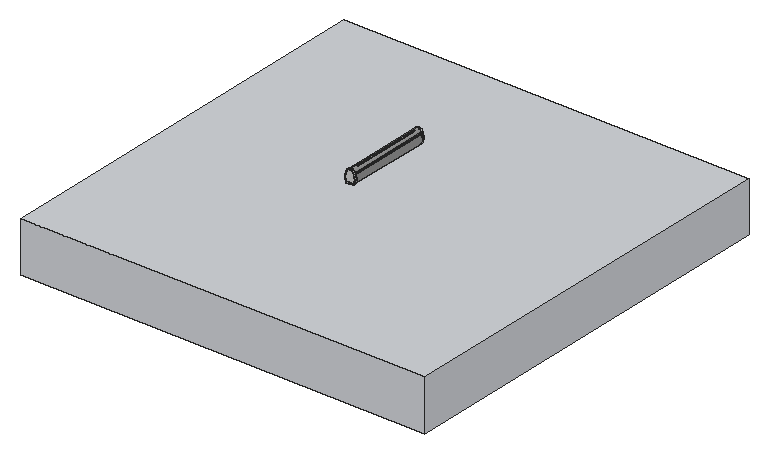
Revit family "L-trade II_body Standart", category Обобщенные модели, Revit 2017
Family settings
  Основа = Грань
  Может служить основой для арматурных стержней = Нет
  Размер круглого соединителя = Использовать диаметр
  Тип детали = Нормальный
  При загрузке вырезать с полостями = Нет
  Общий = Нет
  Точка расчета площади = Нет
Parameters
  Расстояние от светильника до плоскости = 250 mm
  Default Elevation = 1219.2 mm
  Начало выдавливания = Длина профиля / 2 * (-1)  # -250 mm
  Конец выдавливания = Длина профиля / 2  # 250 mm
  Длина профиля = 500 mm
Reference planes
  plane 1 "По центру (Вперед/Назад)": y = 0
  plane 2: z = 0
  plane 3 "По центру (Влево/Вправо)": x = 0
  plane 4 "Плоскость расположения светильника": z = 250
Forms (mm)
  Extrusion 1, solid
    sketch origin (0, 0, 0) x (1, 0, 0) y (0, 1, 0)
      loop
        line (-1219.2, 1219.2) -> (-1219.2, -1219.2) -> (1219.2, -1219.2) -> (1219.2, 1219.2) -> (-1219.2, 1219.2)
    from 0 to -304.8
  Extrusion 2, solid, material "Алюминий"
    sketch origin (-0.012, 0, 76.46) x (0, 0, 1) y (1, 0, 0)
      loop
        line (118.04, 2.584) -> (119.04, 2.584) -> (119.04, 4.637) -> (123.497, 4.637) -> (123.497, -4.637) -> (119.04, -4.637) -> (119.04, -2.584) -> (118.04, -2.584) -> (118.04, -21.594)
        arc (118.04, -21.594) -> (118.745, -23.295) -> (120.446, -24) r 2.406
        line (120.446, -24) -> (167.14, -24) -> (167.481, -23.065)
        arc (167.481, -23.065) -> (167.917, -20.445) -> (169.02, -22.862) r 1.389
        line (169.02, -22.862) -> (170.267, -23.744)
        arc (170.267, -23.744) -> (171.573, -24.107) -> (172.811, -23.557) r 2.006
        arc (172.811, -23.557) -> (173.124, -23.273) -> (173.54, -23.2) r 0.757
        line (173.54, -23.2) -> (173.54, -22.236) -> (172.7, -22.236) -> (172.127, -22.808)
        arc (172.127, -22.808) -> (170.724, -22.808) -> (170.724, -21.405) r 0.992
        arc (170.724, -21.405) -> (170.972, -21.083) -> (171.127, -20.708) r 1.556
        line (171.127, -20.708) -> (171.127, -18.337)
        arc (171.127, -18.337) -> (172.044, -16.858) -> (172.54, -18.526) r 0.954
        line (172.54, -18.526) -> (172.54, -19.814) -> (173.54, -19.814) -> (173.54, -19.013)
        arc (173.54, -19.013) -> (173.942, -17.804) -> (173.54, -16.594) r 2.024
        line (173.54, -16.594) -> (173.54, -4.465) -> (172.54, -4.465) -> (172.54, -5.495) -> (171.341, -5.495) -> (171.341, 5.495) -> (172.54, 5.495) -> (172.54, 4.465) -> (173.54, 4.465) -> (173.54, 16.594)
        arc (173.54, 16.594) -> (173.942, 17.804) -> (173.54, 19.013) r 2.024
        line (173.54, 19.013) -> (173.54, 19.814) -> (172.54, 19.814) -> (172.54, 18.526)
        arc (172.54, 18.526) -> (172.044, 16.858) -> (171.127, 18.337) r 0.954
        line (171.127, 18.337) -> (171.127, 20.708)
        arc (171.127, 20.708) -> (170.972, 21.083) -> (170.724, 21.405) r 1.556
        arc (170.724, 21.405) -> (170.724, 22.808) -> (172.127, 22.808) r 0.992
        line (172.127, 22.808) -> (172.7, 22.236) -> (173.54, 22.236) -> (173.54, 23.2)
        arc (173.54, 23.2) -> (173.124, 23.273) -> (172.811, 23.557) r 0.757
        arc (172.811, 23.557) -> (171.573, 24.107) -> (170.267, 23.744) r 2.006
        line (170.267, 23.744) -> (169.02, 22.862)
        arc (169.02, 22.862) -> (167.917, 20.445) -> (167.481, 23.065) r 1.389
        line (167.481, 23.065) -> (167.14, 24) -> (120.446, 24)
        arc (120.446, 24) -> (118.745, 23.295) -> (118.04, 21.594) r 2.406
        line (118.04, 21.594) -> (118.04, 2.584)
      loop
        line (119.04, 5.63) -> (124.468, 5.63) -> (124.468, -5.63) -> (119.04, -5.63) -> (119.04, -21.595)
        arc (119.04, -21.595) -> (119.452, -22.589) -> (120.445, -23) r 1.405
        line (120.445, -23) -> (165.938, -23)
        arc (165.938, -23) -> (166.807, -19.727) -> (170.122, -20.419) r 2.462
        line (170.122, -20.419) -> (170.122, -18.738)
        arc (170.122, -18.738) -> (170.372, -16.497) -> (172.54, -15.878) r 2.024
        line (172.54, -15.878) -> (172.54, -6.488) -> (170.32, -6.488) -> (170.32, 6.488) -> (172.54, 6.488) -> (172.54, 15.878)
        arc (172.54, 15.878) -> (170.372, 16.497) -> (170.122, 18.738) r 2.024
        line (170.122, 18.738) -> (170.122, 20.419)
        arc (170.122, 20.419) -> (166.807, 19.727) -> (165.938, 23) r 2.462
        line (165.938, 23) -> (120.445, 23)
        arc (120.445, 23) -> (119.452, 22.589) -> (119.04, 21.595) r 1.405
        line (119.04, 21.595) -> (119.04, 5.63)
    from -250 <- "Начало выдавливания" to 250 <- "Конец выдавливания"
  Extrusion 3, solid, material "Стекло, прозрачное остекление"
    sketch origin (-0.012, 0.083, 76.46) x (-1, 0, 0) y (0, 0, -1)
      loop
        arc (0, -194.275) -> (-14.722, -188.177) -> (-20.82, -173.455) r 20.82
        line (-20.82, -173.455) -> (-20.82, -172.351) -> (-18.381, -172.351) -> (-18.381, -171.214) -> (-22.1, -171.214) -> (-22.1, -173.455)
        arc (-22.1, -173.455) -> (-15.627, -189.082) -> (0, -195.555) r 22.1
        arc (0, -195.555) -> (15.627, -189.082) -> (22.1, -173.455) r 22.1
        line (22.1, -173.455) -> (22.1, -171.214) -> (18.381, -171.214) -> (18.381, -172.351) -> (20.82, -172.351) -> (20.82, -173.455)
        arc (20.82, -173.455) -> (14.722, -188.177) -> (0, -194.275) r 20.82
    from -250 <- "Начало выдавливания" to 250 <- "Конец выдавливания"
  Extrusion 4, solid, material "Пластик АБС"
    sketch origin (-0.012, 250, 76.46) x (0, 0, 1) y (1, 0, 0)
      loop
        arc (174.679, 23.068) -> (170.853, 25.25) -> (166.448, 25.269) r 8.666
        arc (166.448, 25.269) -> (163.082, 24.713) -> (160.451, 26.885) r 4.12
        line (160.451, 26.885) -> (158.904, 30.055)
        arc (158.904, 30.055) -> (157.603, 31.441) -> (155.771, 31.952) r 3.536
        line (155.771, 31.952) -> (147.501, 31.952) -> (139.23, 31.952)
        arc (139.23, 31.952) -> (137.398, 31.441) -> (136.097, 30.055) r 3.536
        line (136.097, 30.055) -> (134.555, 26.879)
        arc (134.555, 26.879) -> (131.915, 24.702) -> (128.54, 25.271) r 4.12
        arc (128.54, 25.271) -> (124.448, 26.439) -> (120.446, 24.991) r 6.919
        arc (120.446, 24.991) -> (118.044, 23.996) -> (117.049, 21.594) r 3.397
        line (117.049, 21.594) -> (117.049, 4.657)
        arc (117.049, 4.657) -> (117.348, 3.936) -> (118.069, 3.637) r 1.02
        line (118.069, 3.637) -> (123.022, 3.637) -> (123.022, -3.637) -> (118.069, -3.637)
        arc (118.069, -3.637) -> (117.348, -3.936) -> (117.049, -4.657) r 1.02
        line (117.049, -4.657) -> (117.049, -21.594)
        arc (117.049, -21.594) -> (118.044, -23.996) -> (120.446, -24.991) r 3.397
        arc (120.446, -24.991) -> (124.448, -26.439) -> (128.54, -25.271) r 6.919
        arc (128.54, -25.271) -> (131.915, -24.702) -> (134.555, -26.879) r 4.12
        line (134.555, -26.879) -> (136.097, -30.055)
        arc (136.097, -30.055) -> (137.398, -31.441) -> (139.23, -31.952) r 3.536
        line (139.23, -31.952) -> (147.501, -31.952) -> (155.771, -31.952)
        arc (155.771, -31.952) -> (157.603, -31.441) -> (158.904, -30.055) r 3.536
        line (158.904, -30.055) -> (160.451, -26.885)
        arc (160.451, -26.885) -> (163.082, -24.713) -> (166.448, -25.269) r 4.12
        arc (166.448, -25.269) -> (170.853, -25.25) -> (174.679, -23.068) r 8.666
        arc (174.679, -23.068) -> (190.216, -15.896) -> (196.555, 0) r 23.1
        arc (196.555, 0) -> (190.216, 15.896) -> (174.679, 23.068) r 23.1
      loop
        arc (173.774, 21.098) -> (170.823, 23.167) -> (167.226, 23.398) r 6.666
        arc (167.226, 23.398) -> (162.371, 22.836) -> (158.653, 26.008) r 6.12
        line (158.653, 26.008) -> (157.122, 29.148)
        arc (157.122, 29.148) -> (156.557, 29.736) -> (155.771, 29.952) r 1.536
        line (155.771, 29.952) -> (147.501, 29.952) -> (139.23, 29.952)
        arc (139.23, 29.952) -> (138.445, 29.736) -> (137.88, 29.149) r 1.536
        line (137.88, 29.149) -> (136.354, 26.005)
        arc (136.354, 26.005) -> (132.435, 22.771) -> (127.423, 23.612) r 6.12
        arc (127.423, 23.612) -> (124.205, 24.42) -> (121.206, 23) r 4.919
        arc (121.206, 23) -> (120.518, 23.044) -> (119.853, 22.859) r 2.071
        arc (119.853, 22.859) -> (119.267, 22.344) -> (119.049, 21.594) r 1.397
        line (119.049, 21.594) -> (119.049, 5.637) -> (125.022, 5.637) -> (125.022, -5.637) -> (119.049, -5.637) -> (119.049, -21.594)
        arc (119.049, -21.594) -> (119.267, -22.344) -> (119.853, -22.859) r 1.397
        arc (119.853, -22.859) -> (120.518, -23.044) -> (121.206, -23) r 2.071
        arc (121.206, -23) -> (124.205, -24.42) -> (127.423, -23.612) r 4.919
        arc (127.423, -23.612) -> (132.435, -22.771) -> (136.354, -26.005) r 6.12
        line (136.354, -26.005) -> (137.88, -29.149)
        arc (137.88, -29.149) -> (138.445, -29.736) -> (139.23, -29.952) r 1.536
        line (139.23, -29.952) -> (147.501, -29.952) -> (155.771, -29.952)
        arc (155.771, -29.952) -> (156.557, -29.736) -> (157.122, -29.148) r 1.536
        line (157.122, -29.148) -> (158.653, -26.008)
        arc (158.653, -26.008) -> (162.371, -22.836) -> (167.226, -23.398) r 6.12
        arc (167.226, -23.398) -> (170.823, -23.167) -> (173.774, -21.098) r 6.666
        arc (173.774, -21.098) -> (188.487, -14.807) -> (194.555, 0) r 21.1
        arc (194.555, 0) -> (188.487, 14.807) -> (173.774, 21.098) r 21.1
    from 0 to 9
  Extrusion 5, solid
    sketch origin (-0.012, 250, 76.46) x (0, 0, -1) y (1, 0, 0)
      loop
        arc (-173.774, 21.098) -> (-188.487, 14.807) -> (-194.555, 0) r 21.1
        arc (-194.555, 0) -> (-188.487, -14.807) -> (-173.774, -21.098) r 21.1
        arc (-173.774, -21.098) -> (-170.823, -23.167) -> (-167.226, -23.398) r 6.666
        arc (-167.226, -23.398) -> (-162.371, -22.836) -> (-158.653, -26.008) r 6.12
        line (-158.653, -26.008) -> (-157.122, -29.148)
        arc (-157.122, -29.148) -> (-156.557, -29.736) -> (-155.771, -29.952) r 1.536
        line (-155.771, -29.952) -> (-147.501, -29.952) -> (-139.23, -29.952)
        arc (-139.23, -29.952) -> (-138.445, -29.736) -> (-137.88, -29.149) r 1.536
        line (-137.88, -29.149) -> (-136.354, -26.005)
        arc (-136.354, -26.005) -> (-132.435, -22.771) -> (-127.423, -23.612) r 6.12
        arc (-127.423, -23.612) -> (-124.205, -24.42) -> (-121.206, -23) r 4.919
        arc (-121.206, -23) -> (-120.518, -23.044) -> (-119.853, -22.859) r 2.071
        arc (-119.853, -22.859) -> (-119.267, -22.344) -> (-119.049, -21.594) r 1.397
        line (-119.049, -21.594) -> (-119.049, -5.637) -> (-125.022, -5.637) -> (-125.022, 0) -> (-125.022, 5.637) -> (-119.049, 5.637) -> (-119.049, 21.594)
        arc (-119.049, 21.594) -> (-119.267, 22.344) -> (-119.853, 22.859) r 1.397
        arc (-119.853, 22.859) -> (-120.518, 23.044) -> (-121.206, 23) r 2.071
        arc (-121.206, 23) -> (-124.205, 24.42) -> (-127.423, 23.612) r 4.919
        arc (-127.423, 23.612) -> (-132.435, 22.771) -> (-136.354, 26.005) r 6.12
        line (-136.354, 26.005) -> (-137.88, 29.149)
        arc (-137.88, 29.149) -> (-138.445, 29.736) -> (-139.23, 29.952) r 1.536
        line (-139.23, 29.952) -> (-147.501, 29.952) -> (-155.771, 29.952)
        arc (-155.771, 29.952) -> (-156.557, 29.736) -> (-157.122, 29.148) r 1.536
        line (-157.122, 29.148) -> (-158.653, 26.008)
        arc (-158.653, 26.008) -> (-162.371, 22.836) -> (-167.226, 23.398) r 6.12
        arc (-167.226, 23.398) -> (-170.823, 23.167) -> (-173.774, 21.098) r 6.666
    from 0 to -1
  Extrusion 6, solid, material "Пластик АБС"
    sketch origin (-0.012, -250, 76.46) x (0, 0, -1) y (1, 0, 0)
      loop
        arc (-174.679, 23.068) -> (-190.216, 15.896) -> (-196.555, 0) r 23.1
        arc (-196.555, 0) -> (-190.216, -15.896) -> (-174.679, -23.068) r 23.1
        arc (-174.679, -23.068) -> (-170.853, -25.25) -> (-166.448, -25.269) r 8.666
        arc (-166.448, -25.269) -> (-163.082, -24.713) -> (-160.451, -26.885) r 4.12
        line (-160.451, -26.885) -> (-158.904, -30.055)
        arc (-158.904, -30.055) -> (-157.603, -31.441) -> (-155.771, -31.952) r 3.536
        line (-155.771, -31.952) -> (-147.501, -31.952) -> (-139.23, -31.952)
        arc (-139.23, -31.952) -> (-137.398, -31.441) -> (-136.097, -30.055) r 3.536
        line (-136.097, -30.055) -> (-134.555, -26.879)
        arc (-134.555, -26.879) -> (-131.915, -24.702) -> (-128.54, -25.271) r 4.12
        arc (-128.54, -25.271) -> (-124.448, -26.439) -> (-120.446, -24.991) r 6.919
        arc (-120.446, -24.991) -> (-118.044, -23.996) -> (-117.049, -21.594) r 3.397
        line (-117.049, -21.594) -> (-117.049, -4.657)
        arc (-117.049, -4.657) -> (-117.348, -3.936) -> (-118.069, -3.637) r 1.02
        line (-118.069, -3.637) -> (-123.022, -3.637) -> (-123.022, 3.637) -> (-118.069, 3.637)
        arc (-118.069, 3.637) -> (-117.348, 3.936) -> (-117.049, 4.657) r 1.02
        line (-117.049, 4.657) -> (-117.049, 21.594)
        arc (-117.049, 21.594) -> (-118.044, 23.996) -> (-120.446, 24.991) r 3.397
        arc (-120.446, 24.991) -> (-124.448, 26.439) -> (-128.54, 25.271) r 6.919
        arc (-128.54, 25.271) -> (-131.915, 24.702) -> (-134.555, 26.879) r 4.12
        line (-134.555, 26.879) -> (-136.097, 30.055)
        arc (-136.097, 30.055) -> (-137.398, 31.441) -> (-139.23, 31.952) r 3.536
        line (-139.23, 31.952) -> (-147.501, 31.952) -> (-155.771, 31.952)
        arc (-155.771, 31.952) -> (-157.603, 31.441) -> (-158.904, 30.055) r 3.536
        line (-158.904, 30.055) -> (-160.451, 26.885)
        arc (-160.451, 26.885) -> (-163.082, 24.713) -> (-166.448, 25.269) r 4.12
        arc (-166.448, 25.269) -> (-170.853, 25.25) -> (-174.679, 23.068) r 8.666
      loop
        arc (-173.774, 21.098) -> (-188.487, 14.807) -> (-194.555, 0) r 21.1
        arc (-194.555, 0) -> (-188.487, -14.807) -> (-173.774, -21.098) r 21.1
        arc (-173.774, -21.098) -> (-170.823, -23.167) -> (-167.226, -23.398) r 6.666
        arc (-167.226, -23.398) -> (-162.371, -22.836) -> (-158.653, -26.008) r 6.12
        line (-158.653, -26.008) -> (-157.122, -29.148)
        arc (-157.122, -29.148) -> (-156.557, -29.736) -> (-155.771, -29.952) r 1.536
        line (-155.771, -29.952) -> (-147.501, -29.952) -> (-139.23, -29.952)
        arc (-139.23, -29.952) -> (-138.445, -29.736) -> (-137.88, -29.149) r 1.536
        line (-137.88, -29.149) -> (-136.354, -26.005)
        arc (-136.354, -26.005) -> (-132.435, -22.771) -> (-127.423, -23.612) r 6.12
        arc (-127.423, -23.612) -> (-124.205, -24.42) -> (-121.206, -23) r 4.919
        arc (-121.206, -23) -> (-120.518, -23.044) -> (-119.853, -22.859) r 2.071
        arc (-119.853, -22.859) -> (-119.267, -22.344) -> (-119.049, -21.594) r 1.397
        line (-119.049, -21.594) -> (-119.049, -5.637) -> (-125.022, -5.637) -> (-125.022, 5.637) -> (-119.049, 5.637) -> (-119.049, 21.594)
        arc (-119.049, 21.594) -> (-119.267, 22.344) -> (-119.853, 22.859) r 1.397
        arc (-119.853, 22.859) -> (-120.518, 23.044) -> (-121.206, 23) r 2.071
        arc (-121.206, 23) -> (-124.205, 24.42) -> (-127.423, 23.612) r 4.919
        arc (-127.423, 23.612) -> (-132.435, 22.771) -> (-136.354, 26.005) r 6.12
        line (-136.354, 26.005) -> (-137.88, 29.149)
        arc (-137.88, 29.149) -> (-138.445, 29.736) -> (-139.23, 29.952) r 1.536
        line (-139.23, 29.952) -> (-147.501, 29.952) -> (-155.771, 29.952)
        arc (-155.771, 29.952) -> (-156.557, 29.736) -> (-157.122, 29.148) r 1.536
        line (-157.122, 29.148) -> (-158.653, 26.008)
        arc (-158.653, 26.008) -> (-162.371, 22.836) -> (-167.226, 23.398) r 6.12
        arc (-167.226, 23.398) -> (-170.823, 23.167) -> (-173.774, 21.098) r 6.666
    from 0 to 9
  Extrusion 7, solid
    sketch origin (-0.012, -250, 76.46) x (0, 0, 1) y (1, 0, 0)
      loop
        arc (173.774, 21.098) -> (170.823, 23.167) -> (167.226, 23.398) r 6.666
        arc (167.226, 23.398) -> (162.371, 22.836) -> (158.653, 26.008) r 6.12
        line (158.653, 26.008) -> (157.122, 29.148)
        arc (157.122, 29.148) -> (156.557, 29.736) -> (155.771, 29.952) r 1.536
        line (155.771, 29.952) -> (147.501, 29.952) -> (139.23, 29.952)
        arc (139.23, 29.952) -> (138.445, 29.736) -> (137.88, 29.149) r 1.536
        line (137.88, 29.149) -> (136.354, 26.005)
        arc (136.354, 26.005) -> (132.435, 22.771) -> (127.423, 23.612) r 6.12
        arc (127.423, 23.612) -> (124.205, 24.42) -> (121.206, 23) r 4.919
        arc (121.206, 23) -> (120.518, 23.044) -> (119.853, 22.859) r 2.071
        arc (119.853, 22.859) -> (119.267, 22.344) -> (119.049, 21.594) r 1.397
        line (119.049, 21.594) -> (119.049, 5.637) -> (125.022, 5.637) -> (125.022, 0) -> (125.022, -5.637) -> (119.049, -5.637) -> (119.049, -21.594)
        arc (119.049, -21.594) -> (119.267, -22.344) -> (119.853, -22.859) r 1.397
        arc (119.853, -22.859) -> (120.518, -23.044) -> (121.206, -23) r 2.071
        arc (121.206, -23) -> (124.205, -24.42) -> (127.423, -23.612) r 4.919
        arc (127.423, -23.612) -> (132.435, -22.771) -> (136.354, -26.005) r 6.12
        line (136.354, -26.005) -> (137.88, -29.149)
        arc (137.88, -29.149) -> (138.445, -29.736) -> (139.23, -29.952) r 1.536
        line (139.23, -29.952) -> (147.501, -29.952) -> (155.771, -29.952)
        arc (155.771, -29.952) -> (156.557, -29.736) -> (157.122, -29.148) r 1.536
        line (157.122, -29.148) -> (158.653, -26.008)
        arc (158.653, -26.008) -> (162.371, -22.836) -> (167.226, -23.398) r 6.12
        arc (167.226, -23.398) -> (170.823, -23.167) -> (173.774, -21.098) r 6.666
        arc (173.774, -21.098) -> (188.487, -14.807) -> (194.555, 0) r 21.1
        arc (194.555, 0) -> (188.487, 14.807) -> (173.774, 21.098) r 21.1
    from 0 to -1
  Extrusion 8, solid, material "Пластик АБС"
    sketch origin (-0.012, 259, 76.46) x (0, 0, 1) y (1, 0, 0)
      loop
        arc (173.774, 21.098) -> (170.823, 23.167) -> (167.226, 23.398) r 6.666
        arc (167.226, 23.398) -> (162.371, 22.836) -> (158.653, 26.008) r 6.12
        line (158.653, 26.008) -> (157.122, 29.148)
        arc (157.122, 29.148) -> (156.557, 29.736) -> (155.771, 29.952) r 1.536
        line (155.771, 29.952) -> (147.501, 29.952) -> (139.23, 29.952)
        arc (139.23, 29.952) -> (138.445, 29.736) -> (137.88, 29.149) r 1.536
        line (137.88, 29.149) -> (136.354, 26.005)
        arc (136.354, 26.005) -> (132.435, 22.771) -> (127.423, 23.612) r 6.12
        arc (127.423, 23.612) -> (124.205, 24.42) -> (121.206, 23) r 4.919
        arc (121.206, 23) -> (120.518, 23.044) -> (119.853, 22.859) r 2.071
        arc (119.853, 22.859) -> (119.267, 22.344) -> (119.049, 21.594) r 1.397
        line (119.049, 21.594) -> (119.049, 5.637) -> (125.022, 5.637) -> (125.022, 0) -> (125.022, -5.637) -> (119.049, -5.637) -> (119.049, -21.594)
        arc (119.049, -21.594) -> (119.267, -22.344) -> (119.853, -22.859) r 1.397
        arc (119.853, -22.859) -> (120.518, -23.044) -> (121.206, -23) r 2.071
        arc (121.206, -23) -> (124.205, -24.42) -> (127.423, -23.612) r 4.919
        arc (127.423, -23.612) -> (132.435, -22.771) -> (136.354, -26.005) r 6.12
        line (136.354, -26.005) -> (137.88, -29.149)
        arc (137.88, -29.149) -> (138.445, -29.736) -> (139.23, -29.952) r 1.536
        line (139.23, -29.952) -> (147.501, -29.952) -> (155.771, -29.952)
        arc (155.771, -29.952) -> (156.557, -29.736) -> (157.122, -29.148) r 1.536
        line (157.122, -29.148) -> (158.653, -26.008)
        arc (158.653, -26.008) -> (162.371, -22.836) -> (167.226, -23.398) r 6.12
        arc (167.226, -23.398) -> (170.823, -23.167) -> (173.774, -21.098) r 6.666
        arc (173.774, -21.098) -> (188.487, -14.807) -> (194.555, 0) r 21.1
        arc (194.555, 0) -> (188.487, 14.807) -> (173.774, 21.098) r 21.1
    from 0 to -1
  Extrusion 9, solid, material "Пластик АБС"
    sketch origin (-0.012, -259, 76.46) x (0, 0, -1) y (1, 0, 0)
      loop
        arc (-173.774, 21.098) -> (-188.487, 14.807) -> (-194.555, 0) r 21.1
        arc (-194.555, 0) -> (-188.487, -14.807) -> (-173.774, -21.098) r 21.1
        arc (-173.774, -21.098) -> (-170.823, -23.167) -> (-167.226, -23.398) r 6.666
        arc (-167.226, -23.398) -> (-162.371, -22.836) -> (-158.653, -26.008) r 6.12
        line (-158.653, -26.008) -> (-157.122, -29.148)
        arc (-157.122, -29.148) -> (-156.557, -29.736) -> (-155.771, -29.952) r 1.536
        line (-155.771, -29.952) -> (-147.501, -29.952) -> (-139.23, -29.952)
        arc (-139.23, -29.952) -> (-138.445, -29.736) -> (-137.88, -29.149) r 1.536
        line (-137.88, -29.149) -> (-136.354, -26.005)
        arc (-136.354, -26.005) -> (-132.435, -22.771) -> (-127.423, -23.612) r 6.12
        arc (-127.423, -23.612) -> (-124.205, -24.42) -> (-121.206, -23) r 4.919
        arc (-121.206, -23) -> (-120.518, -23.044) -> (-119.853, -22.859) r 2.071
        arc (-119.853, -22.859) -> (-119.267, -22.344) -> (-119.049, -21.594) r 1.397
        line (-119.049, -21.594) -> (-119.049, -5.637) -> (-125.022, -5.637) -> (-125.022, 0) -> (-125.022, 5.637) -> (-119.049, 5.637) -> (-119.049, 21.594)
        arc (-119.049, 21.594) -> (-119.267, 22.344) -> (-119.853, 22.859) r 1.397
        arc (-119.853, 22.859) -> (-120.518, 23.044) -> (-121.206, 23) r 2.071
        arc (-121.206, 23) -> (-124.205, 24.42) -> (-127.423, 23.612) r 4.919
        arc (-127.423, 23.612) -> (-132.435, 22.771) -> (-136.354, 26.005) r 6.12
        line (-136.354, 26.005) -> (-137.88, 29.149)
        arc (-137.88, 29.149) -> (-138.445, 29.736) -> (-139.23, 29.952) r 1.536
        line (-139.23, 29.952) -> (-147.501, 29.952) -> (-155.771, 29.952)
        arc (-155.771, 29.952) -> (-156.557, 29.736) -> (-157.122, 29.148) r 1.536
        line (-157.122, 29.148) -> (-158.653, 26.008)
        arc (-158.653, 26.008) -> (-162.371, 22.836) -> (-167.226, 23.398) r 6.12
        arc (-167.226, 23.398) -> (-170.823, 23.167) -> (-173.774, 21.098) r 6.666
    from 0 to -1
Dimensions and locks
  "Расстояние от светильника до плоскости": plane 4 "Плоскость расположения светильника" to Extrusion 1
  aligned and locked: plane 2 to Extrusion 1
  aligned and locked: level to Extrusion 1
Automatic sketch dimensions
  Extrusion 1 sketch curve to Extrusion 1 sketch curve = 2438.4 mm  (x2)
  Extrusion 2 sketch curve to Extrusion 2 sketch curve = 0 mm  (x20)
  Extrusion 2 sketch curve to plane 4 "Плоскость расположения светильника" = 55.5 mm  (x2)
  Extrusion 2 sketch curve to Extrusion 2 sketch curve = 1 mm  (x6)
  Extrusion 2 sketch curve to Extrusion 2 sketch curve = 1.405 mm  (x2)
  Extrusion 2 sketch curve to Extrusion 2 sketch curve = 0.001 mm  (x3)
  Extrusion 2 sketch curve to Extrusion 2 sketch curve = 4.456 mm
  Extrusion 2 sketch curve to Extrusion 2 sketch curve = 0.971 mm
  Extrusion 2 sketch curve to Extrusion 2 sketch curve = 41.47 mm  (x2)
  plane 3 "По центру (Влево/Вправо)" to Extrusion 2 sketch curve = 22.988 mm
  Extrusion 2 sketch curve to Extrusion 2 sketch curve = 1.203 mm  (x2)
  plane 3 "По центру (Влево/Вправо)" to Extrusion 2 sketch curve = 23.054 mm
  Extrusion 2 sketch curve to Extrusion 2 sketch curve = 0.34 mm  (x2)
  Extrusion 2 sketch curve to Extrusion 2 sketch curve = 0.619 mm  (x2)
  Extrusion 2 sketch curve to Extrusion 2 sketch curve = 0.921 mm  (x2)
  plane 3 "По центру (Влево/Вправо)" to Extrusion 2 sketch curve = 22.85 mm
  Extrusion 2 sketch curve to Extrusion 2 sketch curve = 1.525 mm  (x2)
  Extrusion 2 sketch curve to Extrusion 2 sketch curve = 0.498 mm  (x2)
  Extrusion 2 sketch curve to Extrusion 2 sketch curve = 1.247 mm  (x2)
  plane 3 "По центру (Влево/Вправо)" to Extrusion 2 sketch curve = 23.732 mm
  Extrusion 2 sketch curve to Extrusion 2 sketch curve = 0.198 mm
  Extrusion 2 sketch curve to Extrusion 2 sketch curve = 1.005 mm  (x2)
  Extrusion 2 sketch curve to Extrusion 2 sketch curve = 1.021 mm
  Extrusion 2 sketch curve to Extrusion 2 sketch curve = 0.299 mm  (x2)
  Extrusion 2 sketch curve to Extrusion 2 sketch curve = 0.791 mm  (x2)
  Extrusion 2 sketch curve to plane 3 "По центру (Влево/Вправо)" = 22.82 mm
  Extrusion 2 sketch curve to Extrusion 2 sketch curve = 0.702 mm  (x4)
  plane 3 "По центру (Влево/Вправо)" to Extrusion 2 sketch curve = 22.797 mm
  Extrusion 2 sketch curve to Extrusion 2 sketch curve = 1.2 mm
  Extrusion 2 sketch curve to Extrusion 2 sketch curve = 0.623 mm
  Extrusion 2 sketch curve to Extrusion 2 sketch curve = 1.413 mm  (x2)
  Extrusion 2 sketch curve to Extrusion 2 sketch curve = 0.573 mm  (x3)
  Extrusion 2 sketch curve to Extrusion 2 sketch curve = 1.33 mm  (x2)
  Extrusion 2 sketch curve to Extrusion 2 sketch curve = 0.841 mm  (x2)
  Extrusion 2 sketch curve to Extrusion 2 sketch curve = 0.053 mm
  Extrusion 2 sketch curve to Extrusion 2 sketch curve = 44.595 mm
  Extrusion 2 sketch curve to Extrusion 2 sketch curve = 0.065 mm
  Extrusion 2 sketch curve to Extrusion 2 sketch curve = 0.392 mm
  Extrusion 2 sketch curve to Extrusion 2 sketch curve = 0.882 mm
  Extrusion 2 sketch curve to Extrusion 2 sketch curve = 0.753 mm  (x2)
  Extrusion 2 sketch curve to Extrusion 2 sketch curve = 0.935 mm
  Extrusion 2 sketch curve to Extrusion 2 sketch curve = 0.964 mm  (x2)
  Extrusion 2 sketch curve to Extrusion 2 sketch curve = 0.289 mm  (x2)
  Extrusion 2 sketch curve to Extrusion 2 sketch curve = 0.114 mm  (x2)
  Extrusion 2 sketch curve to Extrusion 2 sketch curve = 0.893 mm
  Extrusion 2 sketch curve to Extrusion 2 sketch curve = 0.801 mm  (x2)
  Extrusion 2 sketch curve to Extrusion 2 sketch curve = 1.567 mm
  Extrusion 2 sketch curve to Extrusion 2 sketch curve = 0.487 mm
  Extrusion 2 sketch curve to Extrusion 2 sketch curve = 0.401 mm
  Extrusion 2 sketch curve to Extrusion 2 sketch curve = 9.39 mm
  Extrusion 2 sketch curve to Extrusion 2 sketch curve = 15.964 mm
  Extrusion 2 sketch curve to Extrusion 2 sketch curve = 0.993 mm  (x4)
  Extrusion 2 sketch curve to Extrusion 2 sketch curve = 1.03 mm  (x2)
  Extrusion 2 sketch curve to Extrusion 2 sketch curve = 2.053 mm  (x2)
  Extrusion 2 sketch curve to Extrusion 2 sketch curve = 5.167 mm
  Extrusion 2 sketch curve to Extrusion 2 sketch curve = 8.93 mm
  Extrusion 2 sketch curve to Extrusion 2 sketch curve = 4.541 mm
  Extrusion 2 sketch curve to Extrusion 2 sketch curve = 0.716 mm
  Extrusion 2 sketch curve to Extrusion 2 sketch curve = 1.21 mm
  Extrusion 2 sketch curve to Extrusion 2 sketch curve = 0.533 mm
  Extrusion 3 sketch curve to Extrusion 3 sketch curve = 0 mm  (x4)
  plane 3 "По центру (Влево/Вправо)" to Extrusion 3 sketch curve = 22.088 mm
  Extrusion 3 sketch curve to Extrusion 3 sketch curve = 1.28 mm
  Extrusion 3 sketch curve to Extrusion 3 sketch curve = 2.439 mm  (x2)
  Extrusion 3 sketch curve to plane 3 "По центру (Влево/Вправо)" = 0.012 mm
  Extrusion 3 sketch curve to plane 4 "Плоскость расположения светильника" = 2.326 mm  (x2)
  Extrusion 3 sketch curve to Extrusion 3 sketch curve = 1.137 mm  (x2)
  Extrusion 3 sketch curve to Extrusion 3 sketch curve = 1.104 mm
  Extrusion 4 sketch curve to Extrusion 4 sketch curve = 0 mm  (x32)
  Extrusion 4 sketch curve to Extrusion 2 = 0 mm
  Extrusion 2 to Extrusion 4 sketch curve = 0 mm
  Extrusion 4 sketch curve to Extrusion 2 = 0.02 mm
  Extrusion 4 sketch curve to Extrusion 2 = 0.029 mm  (x2)
  Extrusion 4 sketch curve to Extrusion 4 sketch curve = 0.286 mm  (x2)
  Extrusion 2 to Extrusion 4 sketch curve = 0.475 mm
  Extrusion 2 to Extrusion 4 sketch curve = 0.219 mm  (x2)
  Extrusion 2 to Extrusion 4 sketch curve = 0.007 mm  (x2)
  Extrusion 2 to Extrusion 4 sketch curve = 0.554 mm
  Extrusion 2 to Extrusion 4 sketch curve = 6.383 mm  (x2)
  Extrusion 2 to Extrusion 4 sketch curve = 2.879 mm  (x2)
  Extrusion 4 sketch curve to Extrusion 4 sketch curve = 3.705 mm  (x2)
  Extrusion 2 to Extrusion 4 sketch curve = 6.055 mm  (x4)
  Extrusion 4 sketch curve to Extrusion 4 sketch curve = 1.541 mm  (x2)
  Extrusion 2 to Extrusion 4 sketch curve = 2.005 mm  (x2)
  Extrusion 4 sketch curve to Extrusion 4 sketch curve = 1.799 mm  (x2)
  Extrusion 2 to Extrusion 4 sketch curve = 5.149 mm  (x2)
  Extrusion 4 sketch curve to Extrusion 4 sketch curve = 1.783 mm  (x3)
  Extrusion 4 sketch curve to Extrusion 4 sketch curve = 1.35 mm  (x4)
  Extrusion 4 sketch curve to Extrusion 4 sketch curve = 8.271 mm  (x4)
  Extrusion 2 to Extrusion 4 sketch curve = 4.417 mm
  Extrusion 2 to Extrusion 4 sketch curve = 5.148 mm  (x2)
  Extrusion 2 to Extrusion 4 sketch curve = 2.008 mm  (x2)
  Extrusion 4 sketch curve to Extrusion 4 sketch curve = 1.531 mm  (x2)
  Extrusion 2 to Extrusion 4 sketch curve = 2.885 mm  (x2)
  Extrusion 4 sketch curve to Extrusion 4 sketch curve = 1.798 mm  (x2)
  Extrusion 4 sketch curve to Extrusion 4 sketch curve = 3.703 mm  (x2)
  Extrusion 2 to Extrusion 4 sketch curve = 1.509 mm  (x2)
  Extrusion 4 sketch curve to Extrusion 2 = 0.086 mm
  Extrusion 4 sketch curve to Extrusion 4 sketch curve = 1.806 mm  (x2)
  Extrusion 4 sketch curve to Extrusion 4 sketch curve = 1.804 mm  (x2)
  Extrusion 4 sketch curve to Extrusion 4 sketch curve = 0.611 mm  (x2)
  Extrusion 4 sketch curve to Extrusion 4 sketch curve = 1.459 mm
  Extrusion 4 sketch curve to Extrusion 2 = 2.936 mm  (x2)
  Extrusion 2 to Extrusion 4 sketch curve = 2.584 mm
  Extrusion 2 to Extrusion 4 sketch curve = 0.828 mm
  Extrusion 4 sketch curve to Extrusion 2 = 0.29 mm
  Extrusion 2 to Extrusion 4 sketch curve = 1.269 mm  (x2)
  Extrusion 4 sketch curve to Extrusion 2 = 0.398 mm  (x2)
  Extrusion 2 to Extrusion 4 sketch curve = 0.233 mm
  Extrusion 4 sketch curve to Extrusion 2 = 0.068 mm
  Extrusion 5 sketch curve to Extrusion 5 sketch curve = 0 mm
  Extrusion 4 to Extrusion 5 sketch curve = 0 mm  (x2)
  Extrusion 5 sketch curve to Extrusion 4 = 0 mm  (x7)
  Extrusion 4 to Extrusion 5 sketch curve = 3.944 mm  (x2)
  Extrusion 5 sketch curve to Extrusion 5 sketch curve = 8.271 mm  (x2)
  Extrusion 5 sketch curve to Extrusion 5 sketch curve = 2.876 mm  (x2)
  Extrusion 4 to Extrusion 5 sketch curve = 0.803 mm  (x2)
  Extrusion 4 to Extrusion 5 sketch curve = 3.637 mm
  Extrusion 6 sketch curve to Extrusion 6 sketch curve = 0 mm  (x38)
  Extrusion 6 sketch curve to Extrusion 2 = 0 mm
  Extrusion 2 to Extrusion 6 sketch curve = 0 mm
  Extrusion 6 sketch curve to Extrusion 6 sketch curve = 0.286 mm  (x2)
  Extrusion 2 to Extrusion 6 sketch curve = 0.475 mm
  Extrusion 2 to Extrusion 6 sketch curve = 0.219 mm  (x2)
  Extrusion 2 to Extrusion 6 sketch curve = 0.007 mm  (x2)
  Extrusion 2 to Extrusion 6 sketch curve = 0.554 mm
  Extrusion 2 to Extrusion 6 sketch curve = 6.383 mm  (x2)
  Extrusion 2 to Extrusion 6 sketch curve = 2.879 mm  (x2)
  Extrusion 6 sketch curve to Extrusion 6 sketch curve = 3.705 mm  (x2)
  Extrusion 2 to Extrusion 6 sketch curve = 6.055 mm  (x4)
  Extrusion 6 sketch curve to Extrusion 6 sketch curve = 1.541 mm  (x2)
  Extrusion 2 to Extrusion 6 sketch curve = 2.005 mm  (x2)
  Extrusion 6 sketch curve to Extrusion 6 sketch curve = 1.799 mm  (x2)
  Extrusion 2 to Extrusion 6 sketch curve = 5.149 mm  (x2)
  Extrusion 6 sketch curve to Extrusion 6 sketch curve = 1.783 mm  (x3)
  Extrusion 6 sketch curve to Extrusion 6 sketch curve = 1.35 mm  (x4)
  Extrusion 6 sketch curve to Extrusion 6 sketch curve = 8.271 mm  (x4)
  Extrusion 2 to Extrusion 6 sketch curve = 4.417 mm
  Extrusion 2 to Extrusion 6 sketch curve = 5.148 mm  (x2)
  Extrusion 2 to Extrusion 6 sketch curve = 2.008 mm  (x2)
  Extrusion 6 sketch curve to Extrusion 6 sketch curve = 1.531 mm  (x2)
  Extrusion 2 to Extrusion 6 sketch curve = 2.885 mm  (x2)
  Extrusion 6 sketch curve to Extrusion 6 sketch curve = 1.798 mm  (x2)
  Extrusion 6 sketch curve to Extrusion 6 sketch curve = 3.703 mm  (x2)
  Extrusion 2 to Extrusion 6 sketch curve = 1.509 mm  (x2)
  Extrusion 6 sketch curve to Extrusion 2 = 0.086 mm
  Extrusion 6 sketch curve to Extrusion 2 = 0.02 mm  (x2)
  Extrusion 6 sketch curve to Extrusion 2 = 0.029 mm  (x2)
  Extrusion 6 sketch curve to Extrusion 6 sketch curve = 1.806 mm  (x2)
  Extrusion 6 sketch curve to Extrusion 6 sketch curve = 1.804 mm  (x2)
  Extrusion 6 sketch curve to Extrusion 6 sketch curve = 0.611 mm  (x2)
  Extrusion 6 sketch curve to Extrusion 2 = 0.29 mm  (x2)
  Extrusion 6 sketch curve to Extrusion 2 = 2.936 mm  (x2)
  Extrusion 2 to Extrusion 6 sketch curve = 4.465 mm
  Extrusion 6 sketch curve to Extrusion 6 sketch curve = 1.353 mm  (x2)
  Extrusion 2 to Extrusion 6 sketch curve = 1.269 mm  (x2)
  Extrusion 6 sketch curve to Extrusion 2 = 0.398 mm  (x2)
  Extrusion 2 to Extrusion 6 sketch curve = 0.233 mm
  Extrusion 6 sketch curve to Extrusion 2 = 0.068 mm
  Extrusion 7 sketch curve to Extrusion 7 sketch curve = 0 mm
  Extrusion 7 sketch curve to Extrusion 6 = 0 mm  (x7)
  Extrusion 6 to Extrusion 7 sketch curve = 0 mm  (x2)
  Extrusion 6 to Extrusion 7 sketch curve = 0.803 mm  (x2)
  Extrusion 7 sketch curve to Extrusion 7 sketch curve = 1.35 mm  (x2)
  Extrusion 7 sketch curve to Extrusion 7 sketch curve = 8.271 mm  (x2)
  Extrusion 6 to Extrusion 7 sketch curve = 3.944 mm  (x2)
  Extrusion 6 to Extrusion 7 sketch curve = 3.637 mm
  Extrusion 8 sketch curve to Extrusion 8 sketch curve = 0 mm
  Extrusion 8 sketch curve to Extrusion 4 = 0 mm  (x8)
  Extrusion 4 to Extrusion 8 sketch curve = 0 mm
  Extrusion 4 to Extrusion 8 sketch curve = 0.803 mm  (x2)
  Extrusion 8 sketch curve to Extrusion 8 sketch curve = 1.35 mm  (x2)
  Extrusion 8 sketch curve to Extrusion 8 sketch curve = 8.271 mm  (x2)
  Extrusion 4 to Extrusion 8 sketch curve = 3.944 mm  (x2)
  Extrusion 4 to Extrusion 8 sketch curve = 3.637 mm
  Extrusion 9 sketch curve to Extrusion 9 sketch curve = 0 mm
  Extrusion 9 sketch curve to Extrusion 6 = 0 mm  (x6)
  Extrusion 6 to Extrusion 9 sketch curve = 0 mm  (x3)
  Extrusion 6 to Extrusion 9 sketch curve = 3.944 mm  (x2)
  Extrusion 9 sketch curve to Extrusion 9 sketch curve = 8.271 mm  (x2)
  Extrusion 9 sketch curve to Extrusion 9 sketch curve = 2.876 mm  (x2)
  Extrusion 6 to Extrusion 9 sketch curve = 0.803 mm  (x2)
  Extrusion 6 to Extrusion 9 sketch curve = 3.637 mm
  radius of Extrusion 2 to Extrusion 4 sketch curve = 0.991 mm  (x2)
  radius of Extrusion 4 sketch curve to Extrusion 2 = 1.009 mm  (x2)
  radius of Extrusion 5 sketch curve to Extrusion 4 = 0 mm  (x15)
  radius of Extrusion 2 to Extrusion 6 sketch curve = 0.991 mm  (x2)
  radius of Extrusion 6 sketch curve to Extrusion 2 = 1.009 mm  (x2)
  radius of Extrusion 7 sketch curve to Extrusion 6 = 0 mm  (x15)
  radius of Extrusion 8 sketch curve to Extrusion 4 = 0 mm  (x15)
  radius of Extrusion 9 sketch curve to Extrusion 6 = 0 mm  (x15)
